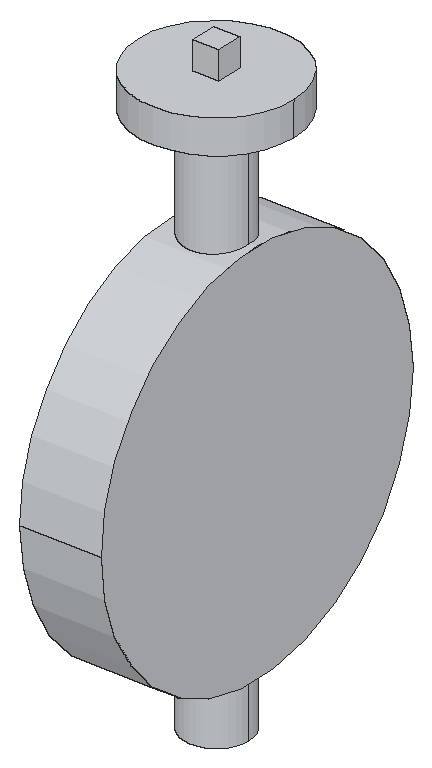
Revit family "HS497-67_disk-litina-volné vřeteno DN250-RFA_2019", category Pipe Accessories, Revit 2019
Family settings
  Round Connector Dimension = Use Diameter
  Part Type = Valve - Breaks Into
  Work Plane-Based = No
  Always vertical = Yes
  Cut with Voids When Loaded = No
  Shared = No
Parameters (values of type "HS 497-67_DN250_PN16_volné vřeteno")
  magiProductId = "b662e8305ca2402b9c510e66e6aa55"
  magiProductFamilyId = "53cea81e6f374d17b8841d9c72ad77"
  magiPartTypeId = 305
  isMeasuringValve [instance] = no
  ang2D [instance] = 0.00°
  X11 = 88.77 mm
  X1 = 36.77 mm
  W2D = 1000 mm
  VersionID = "2.0/2017.9.26.1/ZETKAMA_497_001"
  Use Minimum Symbol Size [instance] = yes
  URL = "http://www.hydronic.cz"
  Type Comments = "mezipřírubová; litinový disk; PN16; -10~+110°C (krátkodobě +120°C)"
  SW30 = no
  SW3 = no
  SW21 = no
  SW20 = no
  SW2 = no
  SW1 = yes
  R = 125 mm
  QmdConnectorList = "301;D;302;D"
  Productdata [instance] = ""
  NC = 50 mm
  Model = ""
  Manufacturer = "Hydronic Systems Prague s.r.o."
  MM20 = 36.77 mm
  MC Product Code = "123 250 (litinový disk, s volným vřetenem; DN250; PN16, kvs4555)"
  M41 = 66 mm
  M4 = 44 mm
  LHL = 220 mm
  LHH3 = 2.45 mm
  LHH1 = 46.55 mm
  LH1 = 73.333 mm
  L4R__ve = -L4R  # -12.8 mm
  L4R = 12.8 mm
  L42__ve = -L42  # -96 mm
  L42 = 96 mm
  L41__ve = -L41  # -19.2 mm
  L41 = 19.2 mm
  L2D_Min = 3048 mm
  L2D = 216 mm
  L2 = 34 mm
  L1 = 54.4 mm
  L = 68 mm
  H = 23 mm
  G22 = 11.25 mm
  G2 = 22.5 mm
  G1 = 90 mm
  G = 130 mm
  F = 22 mm
  E44 = 31.25 mm
  E42 = 62.5 mm
  E4 = 125 mm
  E23 = 4.9 mm
  E22 = 19.6 mm
  E21 = 9.8 mm
  Description = "Mezipřírubová uzavírací klapka s volným vřetenem; litinový disk, DN250; PN16; kvs4555"
  DR2 = 125 mm
  DR = 324 mm
  DD1 = 15.625 mm
  DD = 12.5 mm
  D = 250 mm
  CAT0 = yes
  B2__ve = -B2  # -85 mm
  B2 = 85 mm
  A2 = 28.25 mm
  A1 = 129.25 mm
Types (43, lengths in mm): name | magiProductId | X11 | X1 | Type Comments | SW30 | SW3 | SW20 | SW2 | SW1 | R | NC | MM20 | MC Product Code | M41 | M4 | LHL | LHH3 | LHH1 | LH1 | L4R__ve | L4R | L42__ve | L42 | L41__ve | L41 | L2 | L1 | L | H | G | F | E44 | E42 | E4 | E23 | E22 | E21 | Description | DR2 | DR | DD1 | DD | D | B2__ve | B2 | A2 | A1
  HS 497-67_DN100_PN16_volné vřeteno | "65d1b245f4f142c78569c0602d5754" | 61.456 | 25.456 | "mezipřírubová; litinový disk; PN16; -10~+110°C (krátkodobě +120°C)" | no | no | no | no | yes | 50 | 50 | 25.456 | "123 100 (litinový disk, s volným vřetenem; DN100; PN16, kvs512)" | 66 | 44 | 220 | 2.45 | 46.55 | 73.333 | -12.8 | 12.8 | -96 | 96 | -19.2 | 19.2 | 26 | 41.6 | 52 | 30 | 90 | 11 | 31.25 | 62.5 | 125 | 4.9 | 19.6 | 9.8 | "Mezipřírubová uzavírací klapka s volným vřetenem; litinový disk, DN100; PN16; kvs512" | 50 | 147 | 15.625 | 12.5 | 100 | -56 | 56 | 16.5 | 98.5
  HS 497-67_DN100_PN16_převodové kolo | "11e91b807e674d428c8e796fcdcfe2" | 61.456 | 25.456 | "mezipřírubová; litinový disk; PN16; -10~+110°C (krátkodobě +120°C)" | yes | yes | no | no | no | 50 | 50 | 25.456 | "125 100 (litinový disk, s převodovým kolem; DN100; PN16, kvs512)" | 65.25 | 43.5 | 220 | 2.45 | 46.55 | 73.333 | -12.8 | 12.8 | -96 | 96 | -19.2 | 19.2 | 26 | 41.6 | 52 | 30 | 90 | 11 | 31.25 | 62.5 | 125 | 4.9 | 19.6 | 9.8 | "Mezipřírubová uzavírací klapka s převodovým kolem; litinový disk, DN100; PN16; kvs512" | 50 | 147 | 15.625 | 12.5 | 100 | -56 | 56 | 16.5 | 98.5
  HS 497-67_DN100_PN16_s pákou | "28172f0b3f4b47b28323ac71cf8749" | 61.456 | 25.456 | "mezipřírubová; litinový disk; PN16; -10~+110°C (krátkodobě +120°C)" | no | no | yes | yes | no | 50 | 50 | 25.456 | "120 100 (litinový disk, s pákou; DN100; PN16, kvs512)" | 66 | 44 | 260 | 3 | 57 | 86.667 | -12.8 | 12.8 | -96 | 96 | -19.2 | 19.2 | 26 | 41.6 | 52 | 30 | 90 | 11 | 31.25 | 62.5 | 125 | 6 | 24 | 12 | "Mezipřírubová uzavírací klapka s pákou; litinový disk, DN100; PN16; kvs512" | 50 | 147 | 15.625 | 12.5 | 100 | -56 | 56 | 16.5 | 98.5
  HS 497-67_DN125_PN16_volné vřeteno | "0d813d910fc14f628bb3c2efbd185c" | 61.456 | 25.456 | "mezipřírubová; litinový disk; PN16; -10~+110°C (krátkodobě +120°C)" | no | no | no | no | yes | 62.5 | 50 | 25.456 | "123 125 (litinový disk, s volným vřetenem; DN125; PN16, kvs872)" | 66 | 44 | 220 | 2.45 | 46.55 | 73.333 | -12.8 | 12.8 | -96 | 96 | -19.2 | 19.2 | 28 | 44.8 | 56 | 33 | 90 | 14 | 31.25 | 62.5 | 125 | 4.9 | 19.6 | 9.8 | "Mezipřírubová uzavírací klapka s volným vřetenem; litinový disk, DN125; PN16; kvs872" | 62.5 | 180 | 15.625 | 12.5 | 125 | -64 | 64 | 18 | 99.5
  HS 497-67_DN125_PN16_převodové kolo | "c56b7c13f372467684996fb1e0e229" | 61.456 | 25.456 | "mezipřírubová; litinový disk; PN16; -10~+110°C (krátkodobě +120°C)" | yes | yes | no | no | no | 62.5 | 50 | 25.456 | "125 125 (litinový disk, s převodovým kolem; DN125; PN16, kvs872)" | 65.25 | 43.5 | 220 | 2.45 | 46.55 | 73.333 | -13.5 | 13.5 | -101.25 | 101.25 | -20.25 | 20.25 | 28 | 44.8 | 56 | 33 | 90 | 14 | 40 | 80 | 160 | 4.9 | 19.6 | 9.8 | "Mezipřírubová uzavírací klapka s převodovým kolem; litinový disk, DN125; PN16; kvs872" | 62.5 | 180 | 20 | 16 | 125 | -64 | 64 | 18 | 99.5
  HS 497-67_DN125_PN16_s pákou | "105993c79a91492399feef7931321a" | 61.456 | 25.456 | "mezipřírubová; litinový disk; PN16; -10~+110°C (krátkodobě +120°C)" | no | no | yes | yes | no | 62.5 | 50 | 25.456 | "120 125 (litinový disk, s pákou; DN125; PN16, kvs872)" | 66 | 44 | 315 | 3.75 | 71.25 | 105 | -12.8 | 12.8 | -96 | 96 | -19.2 | 19.2 | 28 | 44.8 | 56 | 33 | 90 | 14 | 31.25 | 62.5 | 125 | 7.5 | 30 | 15 | "Mezipřírubová uzavírací klapka s pákou; litinový disk, DN125; PN16; kvs872" | 62.5 | 180 | 15.625 | 12.5 | 125 | -64 | 64 | 18 | 99.5
  HS 497-67_DN150_PN16_volné vřeteno | "50c80cb8ab434f55ab7796e5ac1331" | 61.456 | 25.456 | "mezipřírubová; litinový disk; PN16; -10~+110°C (krátkodobě +120°C)" | no | no | no | no | yes | 75 | 50 | 25.456 | "123 150 (litinový disk, s volným vřetenem; DN150; PN16, kvs1347)" | 66 | 44 | 220 | 2.45 | 46.55 | 73.333 | -12.8 | 12.8 | -96 | 96 | -19.2 | 19.2 | 28 | 44.8 | 56 | 33 | 90 | 14 | 31.25 | 62.5 | 125 | 4.9 | 19.6 | 9.8 | "Mezipřírubová uzavírací klapka s volným vřetenem; litinový disk, DN150; PN16; kvs1347" | 75 | 206 | 15.625 | 12.5 | 150 | -58 | 58 | 19.3 | 98.7
  HS 497-67_DN150_PN16_převodové kolo | "d94a1a0cf83b476eb10011b327f709" | 61.456 | 25.456 | "mezipřírubová; litinový disk; PN16; -10~+110°C (krátkodobě +120°C)" | yes | yes | no | no | no | 75 | 50 | 25.456 | "125 150 (litinový disk, s převodovým kolem; DN150; PN16, kvs1347)" | 65.25 | 43.5 | 220 | 2.45 | 46.55 | 73.333 | -13.5 | 13.5 | -101.25 | 101.25 | -20.25 | 20.25 | 28 | 44.8 | 56 | 33 | 90 | 14 | 40 | 80 | 160 | 4.9 | 19.6 | 9.8 | "Mezipřírubová uzavírací klapka s převodovým kolem; litinový disk, DN150; PN16; kvs1347" | 75 | 206 | 20 | 16 | 150 | -58 | 58 | 19.3 | 98.7
  HS 497-67_DN150_PN16_s pákou | "4d2835523fe84828bc50ff0a5a0dfb" | 61.456 | 25.456 | "mezipřírubová; litinový disk; PN16; -10~+110°C (krátkodobě +120°C)" | no | no | yes | yes | no | 75 | 50 | 25.456 | "120 150 (litinový disk, s pákou; DN150; PN16, kvs1347)" | 66 | 44 | 315 | 3.75 | 71.25 | 105 | -12.8 | 12.8 | -96 | 96 | -19.2 | 19.2 | 28 | 44.8 | 56 | 33 | 90 | 14 | 31.25 | 62.5 | 125 | 7.5 | 30 | 15 | "Mezipřírubová uzavírací klapka s pákou; litinový disk, DN150; PN16; kvs1347" | 75 | 206 | 15.625 | 12.5 | 150 | -58 | 58 | 19.3 | 98.7
  HS 497-67_DN200_PN16_volné vřeteno | "5b29029eaeba47139ee1055a4b9201" | 61.456 | 25.456 | "mezipřírubová; litinový disk; PN16; -10~+110°C (krátkodobě +120°C)" | no | no | no | no | yes | 100 | 50 | 25.456 | "123 200 (litinový disk, s volným vřetenem; DN200; PN16, kvs2675)" | 66 | 44 | 220 | 2.45 | 46.55 | 73.333 | -12.8 | 12.8 | -96 | 96 | -19.2 | 19.2 | 30 | 48 | 60 | 33 | 90 | 17 | 31.25 | 62.5 | 125 | 4.9 | 19.6 | 9.8 | "Mezipřírubová uzavírací klapka s volným vřetenem; litinový disk, DN200; PN16; kvs2675" | 100 | 257 | 15.625 | 12.5 | 200 | -70 | 70 | 22.5 | 102.5
  HS 497-67_DN200_PN16_převodové kolo | "b2793cc1fcc44cf2a35062cd67c04f" | 61.456 | 25.456 | "mezipřírubová; litinový disk; PN16; -10~+110°C (krátkodobě +120°C)" | yes | yes | no | no | no | 100 | 57 | 25.456 | "125 200 (litinový disk, s převodovým kolem; DN200; PN16, kvs2675)" | 78.75 | 52.5 | 220 | 2.45 | 46.55 | 73.333 | -15.2 | 15.2 | -114 | 114 | -22.8 | 22.8 | 30 | 48 | 60 | 33 | 90 | 17 | 50 | 100 | 200 | 4.9 | 19.6 | 9.8 | "Mezipřírubová uzavírací klapka s převodovým kolem; litinový disk, DN200; PN16; kvs2675" | 100 | 257 | 25 | 20 | 200 | -70 | 70 | 22.5 | 102.5
  HS 497-67_DN200_PN16_s pákou | "f88d96c7af224537a51e72d7d8fffe" | 61.456 | 25.456 | "mezipřírubová; litinový disk; PN16; -10~+110°C (krátkodobě +120°C)" | no | no | yes | yes | no | 100 | 50 | 25.456 | "120 200 (litinový disk, s pákou; DN200; PN16, kvs2675)" | 66 | 44 | 315 | 3.75 | 71.25 | 105 | -12.8 | 12.8 | -96 | 96 | -19.2 | 19.2 | 30 | 48 | 60 | 33 | 90 | 17 | 31.25 | 62.5 | 125 | 7.5 | 30 | 15 | "Mezipřírubová uzavírací klapka s pákou; litinový disk, DN200; PN16; kvs2675" | 100 | 257 | 15.625 | 12.5 | 200 | -70 | 70 | 22.5 | 102.5
  HS 497-67_DN250_PN16_volné vřeteno | "b662e8305ca2402b9c510e66e6aa55" | 88.77 | 36.77 | "mezipřírubová; litinový disk; PN16; -10~+110°C (krátkodobě +120°C)" | no | no | no | no | yes | 125 | 50 | 36.77 | "123 250 (litinový disk, s volným vřetenem; DN250; PN16, kvs4555)" | 66 | 44 | 220 | 2.45 | 46.55 | 73.333 | -12.8 | 12.8 | -96 | 96 | -19.2 | 19.2 | 34 | 54.4 | 68 | 23 | 130 | 22 | 31.25 | 62.5 | 125 | 4.9 | 19.6 | 9.8 | "Mezipřírubová uzavírací klapka s volným vřetenem; litinový disk, DN250; PN16; kvs4555" | 125 | 324 | 15.625 | 12.5 | 250 | -85 | 85 | 28.25 | 129.25
  HS 497-67_DN250_PN16_převodové kolo | "5ee9016806664ddfaa2632711f295c" | 88.77 | 36.77 | "mezipřírubová; litinový disk; PN16; -10~+110°C (krátkodobě +120°C)" | yes | yes | no | no | no | 125 | 70 | 36.77 | "125 250 (litinový disk, s převodovým kolem; DN250; PN16, kvs4555)" | 91.5 | 61 | 220 | 2.45 | 46.55 | 73.333 | -22.2 | 22.2 | -166.5 | 166.5 | -33.3 | 33.3 | 34 | 54.4 | 68 | 23 | 130 | 22 | 62.5 | 125 | 250 | 4.9 | 19.6 | 9.8 | "Mezipřírubová uzavírací klapka s převodovým kolem; litinový disk, DN250; PN16; kvs4555" | 125 | 324 | 31.25 | 25 | 250 | -85 | 85 | 28.25 | 129.25
  HS 497-67_DN300_PN16_volné vřeteno | "e1886f51ff004380a649519258edf2" | 88.77 | 36.77 | "mezipřírubová; litinový disk; PN16; -10~+110°C (krátkodobě +120°C)" | no | no | no | no | yes | 150 | 50 | 36.77 | "123 300 (litinový disk, s volným vřetenem; DN300; PN16, kvs7037)" | 66 | 44 | 220 | 2.45 | 46.55 | 73.333 | -12.8 | 12.8 | -96 | 96 | -19.2 | 19.2 | 39 | 62.4 | 78 | 23 | 130 | 22 | 31.25 | 62.5 | 125 | 4.9 | 19.6 | 9.8 | "Mezipřírubová uzavírací klapka s volným vřetenem; litinový disk, DN300; PN16; kvs7037" | 150 | 376 | 15.625 | 12.5 | 300 | -90 | 90 | 30.8 | 127.2
  HS 497-67_DN300_PN16_převodové kolo | "6860f094f77d42088fbebc3c97f755" | 88.77 | 36.77 | "mezipřírubová; litinový disk; PN16; -10~+110°C (krátkodobě +120°C)" | yes | yes | no | no | no | 150 | 70 | 36.77 | "125 300 (litinový disk, s převodovým kolem; DN300; PN16, kvs7037)" | 91.5 | 61 | 220 | 2.45 | 46.55 | 73.333 | -22.2 | 22.2 | -166.5 | 166.5 | -33.3 | 33.3 | 39 | 62.4 | 78 | 23 | 130 | 22 | 62.5 | 125 | 250 | 4.9 | 19.6 | 9.8 | "Mezipřírubová uzavírací klapka s převodovým kolem; litinový disk, DN300; PN16; kvs7037" | 150 | 376 | 31.25 | 25 | 300 | -90 | 90 | 30.8 | 127.2
  HS 497-67_DN032_PN16_volné vřeteno | "8c5f65de52aa4067a77564107e31b2" | 61.456 | 25.456 | "mezipřírubová; litinový disk; PN16; -10~+110°C (krátkodobě +120°C)" | no | no | no | no | yes | 16 | 50 | 25.456 | "123 032 (litinový disk, s volným vřetenem; DN32; PN16, kvs78)" | 66 | 44 | 220 | 2.45 | 46.55 | 73.333 | -12.8 | 12.8 | -96 | 96 | -19.2 | 19.2 | 16.5 | 26.4 | 33 | 30 | 90 | 11 | 31.25 | 62.5 | 125 | 4.9 | 19.6 | 9.8 | "Mezipřírubová uzavírací klapka s volným vřetenem; litinový disk, DN32; PN16; kvs78" | 16 | 68 | 15.625 | 12.5 | 32 | -44.2 | 44.2 | 10.25 | 76.25
  HS 497-67_DN032_PN16_převodové kolo | "60aaeffa8b3a4e809ef000e4660060" | 61.456 | 25.456 | "mezipřírubová; litinový disk; PN16; -10~+110°C (krátkodobě +120°C)" | yes | yes | no | no | no | 16 | 50 | 25.456 | "125 032 (litinový disk, s převodovým kolem; DN32; PN16, kvs78)" | 65.25 | 43.5 | 220 | 2.45 | 46.55 | 73.333 | -12.8 | 12.8 | -96 | 96 | -19.2 | 19.2 | 16.5 | 26.4 | 33 | 30 | 90 | 11 | 31.25 | 62.5 | 125 | 4.9 | 19.6 | 9.8 | "Mezipřírubová uzavírací klapka s převodovým kolem; litinový disk, DN32; PN16; kvs78" | 16 | 68 | 15.625 | 12.5 | 32 | -44.2 | 44.2 | 10.25 | 76.25
  HS 497-67_DN032_PN16_s pákou | "9ad8088d610749a1b871aa2aad8007" | 61.456 | 25.456 | "mezipřírubová; litinový disk; PN16; -10~+110°C (krátkodobě +120°C)" | no | no | yes | yes | no | 16 | 50 | 25.456 | "120 032 (litinový disk, s pákou; DN32; PN16, kvs78)" | 66 | 44 | 220 | 2.45 | 46.55 | 73.333 | -12.8 | 12.8 | -96 | 96 | -19.2 | 19.2 | 16.5 | 26.4 | 33 | 30 | 90 | 11 | 31.25 | 62.5 | 125 | 4.9 | 19.6 | 9.8 | "Mezipřírubová uzavírací klapka s pákou; litinový disk, DN32; PN16; kvs78" | 16 | 68 | 15.625 | 12.5 | 32 | -44.2 | 44.2 | 10.25 | 76.25
  HS 497-67_DN350_PN10_volné vřeteno | "72a1e05f22944421b7e9596a877137" | 109.255 | 45.255 | "mezipřírubová; litinový disk; PN10; -10~+110°C (krátkodobě +120°C)" | no | no | no | no | yes | 175 | 50 | 45.255 | "123 350 (litinový disk, s volným vřetenem; DN350; PN10, kvs10165)" | 66 | 44 | 220 | 2.45 | 46.55 | 73.333 | -12.8 | 12.8 | -96 | 96 | -19.2 | 19.2 | 39 | 62.4 | 78 | 31 | 160 | 22 | 31.25 | 62.5 | 125 | 4.9 | 19.6 | 9.8 | "Mezipřírubová uzavírací klapka s volným vřetenem; litinový disk, DN350; PN10; kvs10165" | 175 | 430 | 15.625 | 12.5 | 350 | -88 | 88 | 33.85 | 129.65
  HS 497-67_DN350_PN10_převodové kolo | "a5a01426cb28494ba3afca92f1dace" | 109.255 | 45.255 | "mezipřírubová; litinový disk; PN10; -10~+110°C (krátkodobě +120°C)" | yes | yes | no | no | no | 175 | 70 | 45.255 | "125 350 (litinový disk, s převodovým kolem; DN350; PN10, kvs10165)" | 91.5 | 61 | 220 | 2.45 | 46.55 | 73.333 | -22.2 | 22.2 | -166.5 | 166.5 | -33.3 | 33.3 | 39 | 62.4 | 78 | 31 | 160 | 22 | 62.5 | 125 | 250 | 4.9 | 19.6 | 9.8 | "Mezipřírubová uzavírací klapka s převodovým kolem; litinový disk, DN350; PN10; kvs10165" | 175 | 430 | 31.25 | 25 | 350 | -88 | 88 | 33.85 | 129.65
  HS 497-67_DN400_PN10_volné vřeteno | "c70ebeb927c04ab99b176e257ad0a7" | 109.255 | 45.255 | "mezipřírubová; litinový disk; PN10; -10~+110°C (krátkodobě +120°C)" | no | no | no | no | yes | 200 | 50 | 45.255 | "123 400 (litinový disk, s volným vřetenem; DN400; PN10, kvs13799)" | 66 | 44 | 220 | 2.45 | 46.55 | 73.333 | -12.8 | 12.8 | -96 | 96 | -19.2 | 19.2 | 51 | 81.6 | 102 | 31 | 160 | 27 | 31.25 | 62.5 | 125 | 4.9 | 19.6 | 9.8 | "Mezipřírubová uzavírací klapka s volným vřetenem; litinový disk, DN400; PN10; kvs13799" | 200 | 485 | 15.625 | 12.5 | 400 | -108 | 108 | 38 | 142
  HS 497-67_DN400_PN10_převodové kolo | "cc64a4384dcb41b780d81810f4f293" | 109.255 | 45.255 | "mezipřírubová; litinový disk; PN10; -10~+110°C (krátkodobě +120°C)" | yes | yes | no | no | no | 200 | 72.5 | 45.255 | "125 400 (litinový disk, s převodovým kolem; DN400; PN10, kvs13799)" | 103.5 | 69 | 220 | 2.45 | 46.55 | 73.333 | -27.8 | 27.8 | -208.5 | 208.5 | -41.7 | 41.7 | 51 | 81.6 | 102 | 31 | 160 | 27 | 75 | 150 | 300 | 4.9 | 19.6 | 9.8 | "Mezipřírubová uzavírací klapka s převodovým kolem; litinový disk, DN400; PN10; kvs13799" | 200 | 485 | 37.5 | 30 | 400 | -108 | 108 | 38 | 142
  HS 497-67_DN040_PN16_volné vřeteno | "35f92312390745e88df5b5c325d9ee" | 61.456 | 25.456 | "mezipřírubová; litinový disk; PN16; -10~+110°C (krátkodobě +120°C)" | no | no | no | no | yes | 20 | 50 | 25.456 | "123 040 (litinový disk, s volným vřetenem; DN40; PN16, kvs78)" | 66 | 44 | 220 | 2.45 | 46.55 | 73.333 | -12.8 | 12.8 | -96 | 96 | -19.2 | 19.2 | 16.5 | 26.4 | 33 | 30 | 90 | 11 | 31.25 | 62.5 | 125 | 4.9 | 19.6 | 9.8 | "Mezipřírubová uzavírací klapka s volným vřetenem; litinový disk, DN40; PN16; kvs78" | 20 | 76 | 15.625 | 12.5 | 40 | -36 | 36 | 11 | 79
  HS 497-67_DN040_PN16_převodové kolo | "d88e968eae3445bc9b7b4e6ff35127" | 61.456 | 25.456 | "mezipřírubová; litinový disk; PN16; -10~+110°C (krátkodobě +120°C)" | yes | yes | no | no | no | 20 | 50 | 25.456 | "125 040 (litinový disk, s převodovým kolem; DN40; PN16, kvs78)" | 65.25 | 43.5 | 220 | 2.45 | 46.55 | 73.333 | -12.8 | 12.8 | -96 | 96 | -19.2 | 19.2 | 16.5 | 26.4 | 33 | 30 | 90 | 11 | 31.25 | 62.5 | 125 | 4.9 | 19.6 | 9.8 | "Mezipřírubová uzavírací klapka s převodovým kolem; litinový disk, DN40; PN16; kvs78" | 20 | 76 | 15.625 | 12.5 | 40 | -36 | 36 | 11 | 79
  HS 497-67_DN040_PN16_s pákou | "c1b522ca65b4407a98818f232eaacb" | 61.456 | 25.456 | "mezipřírubová; litinový disk; PN16; -10~+110°C (krátkodobě +120°C)" | no | no | yes | yes | no | 20 | 50 | 25.456 | "120 040 (litinový disk, s pákou; DN40; PN16, kvs78)" | 66 | 44 | 220 | 2.45 | 46.55 | 73.333 | -12.8 | 12.8 | -96 | 96 | -19.2 | 19.2 | 16.5 | 26.4 | 33 | 30 | 90 | 11 | 31.25 | 62.5 | 125 | 4.9 | 19.6 | 9.8 | "Mezipřírubová uzavírací klapka s pákou; litinový disk, DN40; PN16; kvs78" | 20 | 76 | 15.625 | 12.5 | 40 | -36 | 36 | 11 | 79
  HS 497-67_DN450_PN10_volné vřeteno | "a8358bc282f14872b3194e530e590a" | 129.74 | 53.74 | "mezipřírubová; litinový disk; PN10; -10~+110°C (krátkodobě +120°C)" | no | no | no | no | yes | 225 | 50 | 53.74 | "123 450 (litinový disk, s volným vřetenem; DN450; PN10, kvs18514)" | 66 | 44 | 220 | 2.45 | 46.55 | 73.333 | -12.8 | 12.8 | -96 | 96 | -19.2 | 19.2 | 57 | 91.2 | 114 | 38 | 190 | 36 | 31.25 | 62.5 | 125 | 4.9 | 19.6 | 9.8 | "Mezipřírubová uzavírací klapka s volným vřetenem; litinový disk, DN450; PN10; kvs18514" | 225 | 536 | 15.625 | 12.5 | 450 | -115 | 115 | 38.05 | 117.45
  HS 497-67_DN450_PN10_převodové kolo | "cdf2d80f54a9414f9cbe50647c0ebd" | 129.74 | 53.74 | "mezipřírubová; litinový disk; PN10; -10~+110°C (krátkodobě +120°C)" | yes | yes | no | no | no | 225 | 91.5 | 53.74 | "125 450 (litinový disk, s převodovým kolem; DN450; PN10, kvs18514)" | 144.75 | 96.5 | 220 | 2.45 | 46.55 | 73.333 | -32.1 | 32.1 | -240.75 | 240.75 | -48.15 | 48.15 | 57 | 91.2 | 114 | 38 | 190 | 36 | 100 | 200 | 400 | 4.9 | 19.6 | 9.8 | "Mezipřírubová uzavírací klapka s převodovým kolem; litinový disk, DN450; PN10; kvs18514" | 225 | 536 | 50 | 40 | 450 | -115 | 115 | 38.05 | 117.45
  HS 497-67_DN500_PN10_volné vřeteno | "8c396e27bb2743f98f3c762b6517cd" | 143.397 | 59.397 | "mezipřírubová; litinový disk; PN10; -10~+110°C (krátkodobě +120°C)" | no | no | no | no | yes | 250 | 50 | 59.397 | "123 500 (litinový disk, s volným vřetenem; DN500; PN10, kvs23805)" | 66 | 44 | 220 | 2.45 | 46.55 | 73.333 | -12.8 | 12.8 | -96 | 96 | -19.2 | 19.2 | 63.5 | 101.6 | 127 | 38 | 210 | 36 | 31.25 | 62.5 | 125 | 4.9 | 19.6 | 9.8 | "Mezipřírubová uzavírací klapka s volným vřetenem; litinový disk, DN500; PN10; kvs23805" | 250 | 593 | 15.625 | 12.5 | 500 | -130 | 130 | 43.25 | 139.25
  HS 497-67_DN500_PN10_převodové kolo | "7647804f32e94cef828a7034a91a46" | 143.397 | 59.397 | "mezipřírubová; litinový disk; PN10; -10~+110°C (krátkodobě +120°C)" | yes | yes | no | no | no | 250 | 91.5 | 59.397 | "125 500 (litinový disk, s převodovým kolem; DN500; PN10, kvs23805)" | 144.75 | 96.5 | 220 | 2.45 | 46.55 | 73.333 | -32.1 | 32.1 | -240.75 | 240.75 | -48.15 | 48.15 | 63.5 | 101.6 | 127 | 38 | 210 | 36 | 100 | 200 | 400 | 4.9 | 19.6 | 9.8 | "Mezipřírubová uzavírací klapka s převodovým kolem; litinový disk, DN500; PN10; kvs23805" | 250 | 593 | 50 | 40 | 500 | -130 | 130 | 43.25 | 139.25
  HS 497-67_DN050_volné vřeteno | "d71f296ecd6d4adf8f6e5d9853b4e0" | 61.456 | 25.456 | "mezipřírubová; litinový disk; PN16; -10~+110°C (krátkodobě +120°C)" | no | no | no | no | yes | 25 | 50 | 25.456 | "123 050 (litinový disk, s volným vřetenem; DN50; PN16, kvs98)" | 66 | 44 | 220 | 2.45 | 46.55 | 73.333 | -12.8 | 12.8 | -96 | 96 | -19.2 | 19.2 | 21.5 | 34.4 | 43 | 30 | 90 | 11 | 31.25 | 62.5 | 125 | 4.9 | 19.6 | 9.8 | "Mezipřírubová uzavírací klapka s volným vřetenem; litinový disk, DN50; PN16; kvs98" | 25 | 100 | 15.625 | 12.5 | 50 | -36.5 | 36.5 | 12 | 83
  HS 497-67_DN050_PN16_převodové kolo | "2fb080deeaed49c58418b94c1da5a4" | 61.456 | 25.456 | "mezipřírubová; litinový disk; PN16; -10~+110°C (krátkodobě +120°C)" | yes | yes | no | no | no | 25 | 50 | 25.456 | "125 050 (litinový disk, s převodovým kolem; DN50; PN16, kvs98)" | 65.25 | 43.5 | 220 | 2.45 | 46.55 | 73.333 | -12.8 | 12.8 | -96 | 96 | -19.2 | 19.2 | 21.5 | 34.4 | 43 | 30 | 90 | 11 | 31.25 | 62.5 | 125 | 4.9 | 19.6 | 9.8 | "Mezipřírubová uzavírací klapka s převodovým kolem; litinový disk, DN50; PN16; kvs98" | 25 | 100 | 15.625 | 12.5 | 50 | -36.5 | 36.5 | 12 | 83
  HS 497-67_DN050_PN16_s pákou | "dabc632061f94877a994b9b4e68112" | 61.456 | 25.456 | "mezipřírubová; litinový disk; PN16; -10~+110°C (krátkodobě +120°C)" | no | no | yes | yes | no | 25 | 50 | 25.456 | "120 050 (litinový disk, s pákou; DN50; PN16, kvs98)" | 66 | 44 | 220 | 2.45 | 46.55 | 73.333 | -12.8 | 12.8 | -96 | 96 | -19.2 | 19.2 | 21.5 | 34.4 | 43 | 30 | 90 | 11 | 31.25 | 62.5 | 125 | 4.9 | 19.6 | 9.8 | "Mezipřírubová uzavírací klapka s pákou; litinový disk, DN50; PN16; kvs98" | 25 | 100 | 15.625 | 12.5 | 50 | -36.5 | 36.5 | 12 | 83
  HS 497-67_DN600_PN10_volné vřeteno | "99d5892c14664fce81a7c5903f7711" | 143.397 | 59.397 | "mezipřírubová; litinový disk; PN10; -10~+110°C (krátkodobě +120°C)" | no | no | no | no | yes | 300 | 50 | 59.397 | "123 600 (litinový disk, s volným vřetenem; DN600; PN10, kvs36778)" | 66 | 44 | 220 | 2.45 | 46.55 | 73.333 | -12.8 | 12.8 | -96 | 96 | -19.2 | 19.2 | 77 | 123.2 | 154 | 80 | 210 | 60 | 31.25 | 62.5 | 125 | 4.9 | 19.6 | 9.8 | "Mezipřírubová uzavírací klapka s volným vřetenem; litinový disk, DN600; PN10; kvs36788" | 300 | 690 | 15.625 | 12.5 | 600 | -140 | 140 | 49.4 | 144.6
  HS 497-67_DN600_PN10_převodové kolo | "b1e26faab48a4c499f6bb11e7e3002" | 143.397 | 59.397 | "mezipřírubová; litinový disk; PN10; -10~+110°C (krátkodobě +120°C)" | yes | yes | no | no | no | 300 | 140 | 59.397 | "125 600 (litinový disk, s převodovým kolem; DN600; PN10, kvs36778)" | 206.25 | 137.5 | 220 | 2.45 | 46.55 | 73.333 | -40.8 | 40.8 | -306 | 306 | -61.2 | 61.2 | 77 | 123.2 | 154 | 80 | 210 | 60 | 125 | 250 | 500 | 4.9 | 19.6 | 9.8 | "Mezipřírubová uzavírací klapka s převodovým kolem; litinový disk, DN600; PN10; kvs36788" | 300 | 690 | 62.5 | 50 | 600 | -140 | 140 | 49.4 | 144.6
  HS 497-67_DN065_PN16_volné vřeteno | "5e5e208646e34ec29f889baab5d08e" | 61.456 | 25.456 | "mezipřírubová; litinový disk; PN16; -10~+110°C (krátkodobě +120°C)" | no | no | no | no | yes | 32.5 | 50 | 25.456 | "123 065 (litinový disk, s volným vřetenem; DN65; PN16, kvs167)" | 66 | 44 | 220 | 2.45 | 46.55 | 73.333 | -12.8 | 12.8 | -96 | 96 | -19.2 | 19.2 | 23 | 36.8 | 46 | 30 | 90 | 11 | 31.25 | 62.5 | 125 | 4.9 | 19.6 | 9.8 | "Mezipřírubová uzavírací klapka s volným vřetenem; litinový disk, DN65; PN16; kv167" | 32.5 | 108 | 15.625 | 12.5 | 65 | -36.5 | 36.5 | 13.5 | 89
  HS 497-67_DN065_PN16_převodové kolo | "654d74c8d15540b0bfe523d988ccb3" | 61.456 | 25.456 | "mezipřírubová; litinový disk; PN16; -10~+110°C (krátkodobě +120°C)" | yes | yes | no | no | no | 32.5 | 50 | 25.456 | "125 065 (litinový disk, s převodovým kolem; DN65; PN16, kvs167)" | 65.25 | 43.5 | 220 | 2.45 | 46.55 | 73.333 | -12.8 | 12.8 | -96 | 96 | -19.2 | 19.2 | 23 | 36.8 | 46 | 30 | 90 | 11 | 31.25 | 62.5 | 125 | 4.9 | 19.6 | 9.8 | "Mezipřírubová uzavírací klapka s převodovým kolem; litinový disk, DN65; PN16; kvs167" | 32.5 | 108 | 15.625 | 12.5 | 65 | -36.5 | 36.5 | 13.5 | 89
  HS 497-67_DN065_PN16_s pákou | "ebeb4b59db0641caaf6d6635ab37b9" | 61.456 | 25.456 | "mezipřírubová; litinový disk; PN16; -10~+110°C (krátkodobě +120°C)" | no | no | yes | yes | no | 32.5 | 50 | 25.456 | "120 065 (litinový disk, s pákou; DN65; PN16, kvs167)" | 66 | 44 | 220 | 2.45 | 46.55 | 73.333 | -12.8 | 12.8 | -96 | 96 | -19.2 | 19.2 | 23 | 36.8 | 46 | 30 | 90 | 11 | 31.25 | 62.5 | 125 | 4.9 | 19.6 | 9.8 | "Mezipřírubová uzavírací klapka s pákou; litinový disk, DN65; PN16; kvs167" | 32.5 | 108 | 15.625 | 12.5 | 65 | -36.5 | 36.5 | 13.5 | 89
  HS 497-67_DN080_PN16_volné vřeteno | "9e85c75c18654e1185a9c48ed6b00e" | 61.456 | 25.456 | "mezipřírubová; litinový disk; PN16; -10~+110°C (krátkodobě +120°C)" | no | no | no | no | yes | 40 | 50 | 25.456 | "123 080 (litinový disk, s volným vřetenem; DN80; PN16, kvs258)" | 66 | 44 | 220 | 2.45 | 46.55 | 73.333 | -12.8 | 12.8 | -96 | 96 | -19.2 | 19.2 | 23 | 36.8 | 46 | 30 | 90 | 11 | 31.25 | 62.5 | 125 | 4.9 | 19.6 | 9.8 | "Mezipřírubová uzavírací klapka s volným vřetenem; litinový disk, DN80; PN16; kvs258" | 40 | 124 | 15.625 | 12.5 | 80 | -54 | 54 | 14.1 | 86.9
  HS 497-67_DN080_PN16_převodové kolo | "5b3c8238c3d041e68c75b199e7ea46" | 61.456 | 25.456 | "mezipřírubová; litinový disk; PN16; -10~+110°C (krátkodobě +120°C)" | yes | yes | no | no | no | 40 | 50 | 25.456 | "125 080 (litinový disk, s převodovým kolem; DN80; PN16, kvs258)" | 65.25 | 43.5 | 220 | 2.45 | 46.55 | 73.333 | -12.8 | 12.8 | -96 | 96 | -19.2 | 19.2 | 23 | 36.8 | 46 | 30 | 90 | 11 | 31.25 | 62.5 | 125 | 4.9 | 19.6 | 9.8 | "Mezipřírubová uzavírací klapka s převodovým kolem; litinový disk, DN80; PN16; kvs258" | 40 | 124 | 15.625 | 12.5 | 80 | -54 | 54 | 14.1 | 86.9
  HS 497-67_DN080_PN16_s pákou | "e414795fab0f4eccb99bc3572c5477" | 61.456 | 25.456 | "mezipřírubová; litinový disk; PN16; -10~+110°C (krátkodobě +120°C)" | no | no | yes | yes | no | 40 | 50 | 25.456 | "120 080 (litinový disk, s pákou; DN80; PN16, kvs258)" | 66 | 44 | 260 | 3 | 57 | 86.667 | -12.8 | 12.8 | -96 | 96 | -19.2 | 19.2 | 23 | 36.8 | 46 | 30 | 90 | 11 | 31.25 | 62.5 | 125 | 6 | 24 | 12 | "Mezipřírubová uzavírací klapka s pákou; litinový disk, DN80; PN16; kvs258" | 40 | 124 | 15.625 | 12.5 | 80 | -54 | 54 | 14.1 | 86.9
  HS 497-67_DN250_PN16_s pákou | "" | 88.77 | 36.77 | "mezipřírubová; litinový disk; PN16; -10~+110°C (krátkodobě +120°C)" | no | no | yes | yes | no | 125 | 70 | 36.77 | "120 250 (litinový disk, s pákou; DN250; PN16, kvs4555)" | 91.5 | 61 | 220 | 2.45 | 46.55 | 73.333 | -22.2 | 22.2 | -166.5 | 166.5 | -33.3 | 33.3 | 34 | 54.4 | 68 | 23 | 130 | 22 | 62.5 | 125 | 250 | 4.9 | 19.6 | 9.8 | "Mezipřírubová uzavírací klapka s pákou; litinový disk, DN250; PN16; kvs4555" | 125 | 324 | 31.25 | 25 | 250 | -85 | 85 | 28.25 | 129.25
  HS 497-67_DN300_PN16_s pákou | "" | 88.77 | 36.77 | "mezipřírubová; litinový disk; PN16; -10~+110°C (krátkodobě +120°C)" | no | no | yes | yes | no | 150 | 70 | 36.77 | "120 300 (litinový disk, s pákou; DN300; PN16, kvs7037)" | 91.5 | 61 | 220 | 2.45 | 46.55 | 73.333 | -22.2 | 22.2 | -166.5 | 166.5 | -33.3 | 33.3 | 39 | 62.4 | 78 | 23 | 130 | 22 | 62.5 | 125 | 250 | 4.9 | 19.6 | 9.8 | "Mezipřírubová uzavírací klapka s pákou; litinový disk, DN300; PN16; kvs7037" | 150 | 376 | 31.25 | 25 | 300 | -90 | 90 | 30.8 | 127.2
Reference planes
  plane 1 "Center (Front/Back)": y = 0
  plane 2 "XYPLANE": z = 0
  plane 3 "Center (Left/Right)": x = 0
  plane 4 "473": x = -36.77
  plane 5 "472": x = -66
  plane 6 "471": y = -36.77
  plane 7 "470": y = 36.77
  plane 8 "469": x = -44
  plane 9 "468": y = -115.2
  plane 10 "467": y = -96
  plane 11 "466": z = 313.75
  plane 12 "465": z = 329.05
  plane 13 "464": y = 145.417
  plane 14 "463": z = 319.25
  plane 15 "462": z = 302.1
  plane 16 "461": z = 311.9
  plane 17 "460": y = 72.083
  plane 18 "459": x = -11.25
  plane 19 "458": x = 11.25
  plane 20 "457": y = -6.25
  plane 21 "456": x = -17.5
  plane 22 "455": x = 17.5
  plane 23 "454": z = 316.8
  plane 24 "453": y = 62.083
  plane 25 "452": y = -11.25
  plane 26 "451": x = -22.5
  plane 27 "450": x = 22.5
  plane 28 "449": z = 297.2
  plane 29 "448": z = 292.3
  plane 30 "447": z = -125
  plane 31 "446": z = 282.5
  plane 32 "445": z = 254.25
  plane 33 "444": z = 125
  plane 34 "443": x = 34
  plane 35 "442": x = -34
  plane 36 "441": z = 0
  plane 37 "440": y = 0
  plane 38 "439": x = 0
  plane 39 "438": z = 331.5
  plane 40 "437": z = 316.8
  plane 41 "436": x = 13.7
  plane 42 "435": x = -13.7
  plane 43 "434": y = 220
Forms (mm)
  Extrusion 1, solid, visible <- "SW3"
    sketch origin (-750, 0, 282.5) x (1, 0, 0) y (0, 1, 0)
      loop
        line (684, 36.77) -> (684, -36.77) -> (713.23, -36.77)
        arc (713.23, -36.77) -> (802, 0) -> (713.23, 36.77) r 52
        line (713.23, 36.77) -> (684, 36.77)
    from 0 to 62.5 <- "E42"
  Extrusion 2, solid, visible <- "SW30"
    sketch origin (0, -750, 0) x (0, 1, 0) y (0, 0, 1)
      loop
        circle (750, 313.75) r 7.813
    from 0 to 50 <- "NC"
  Extrusion 3, solid, visible <- "SW30"
    sketch origin (750, -115.2, 0) x (-1, 0, 0) y (0, 0, 1)
      loop
        circle (794, 313.75) r 62.5
    from 0 to -12.8 <- "L4R__ve"
  Extrusion 4, solid, visible <- "SW3"
    sketch origin (750, -96, 0) x (-1, 0, 0) y (0, 0, 1)
      loop
        circle (794, 313.75) r 7.813
    from 0 to -19.2 <- "L41__ve"
  Extrusion 5, solid, visible <- "SW30"
    sketch origin (750, 0, 0) x (-1, 0, 0) y (0, 0, 1)
      loop
        circle (794, 313.75) r 6.25
    from 0 to -96 <- "L42__ve"
  Blend 6, solid, visible <- "SW21"
    base sketch origin (750, 72.083, 0) x (-1, 0, 0) y (0, 0, 1)
      loop
        line (761.25, 311.9) -> (738.75, 311.9) -> (738.75, 302.1) -> (761.25, 302.1) -> (761.25, 311.9)
    top sketch origin (750, 72.083, 0) x (-1, 0, 0) y (0, 0, 1)
      loop
        line (761.25, 329.05) -> (738.75, 329.05) -> (738.75, 319.25) -> (761.25, 319.25) -> (761.25, 329.05)
    from 0 to 73.333
  Blend 7, solid, visible <- "SW21"
    base sketch origin (750, 62.083, 0) x (-1, 0, 0) y (0, 0, 1)
      loop
        line (761.25, 316.8) -> (738.75, 316.8) -> (738.75, 297.2) -> (761.25, 297.2) -> (761.25, 316.8)
    top sketch origin (750, 62.083, 0) x (-1, 0, 0) y (0, 0, 1)
      loop
        line (761.25, 311.9) -> (738.75, 311.9) -> (738.75, 302.1) -> (761.25, 302.1) -> (761.25, 311.9)
    from 0 to 10
  Blend 8, solid, visible <- "SW21"
    base sketch origin (-750, 0, 297.2) x (1, 0, 0) y (0, 1, 0)
      loop
        line (772.5, 62.083) -> (727.5, 62.083) -> (727.5, -11.25)
        arc (727.5, -11.25) -> (750, -31.25) -> (772.5, -11.25) r 22.656
        line (772.5, -11.25) -> (772.5, 62.083)
    top sketch origin (-750, 0, 297.2) x (1, 0, 0) y (0, 1, 0)
      loop
        line (767.5, 62.083) -> (732.5, 62.083) -> (732.5, -6.25)
        arc (732.5, -6.25) -> (750, -26.25) -> (767.5, -6.25) r 17.656
        line (767.5, -6.25) -> (767.5, 62.083)
    from 0 to 19.6
  Extrusion 9, solid, visible <- "SW2"
    sketch origin (-750, 0, 292.3) x (1, 0, 0) y (0, 1, 0)
      loop
        circle (750, 0) r 11.25
    from 0 to 4.9 <- "E23"
  Extrusion 10, solid, visible <- "SW2"
    sketch origin (-750, 0, 282.5) x (1, 0, 0) y (0, 1, 0)
      loop
        circle (750, 0) r 45
    from 0 to 9.8 <- "E21"
  Extrusion 11, solid, visible <- "CAT0"
    sketch origin (-750, 0, -125) x (1, 0, 0) y (0, 1, 0)
      loop
        circle (750, 0) r 27.2
    from 0 to -85 <- "B2__ve"
  Extrusion 12, solid, visible <- "CAT0"
    sketch origin (-750, 0, 254.25) x (1, 0, 0) y (0, 1, 0)
      loop
        circle (750, 0) r 65
    from 0 to 28.25 <- "A2"
  Extrusion 13, solid, visible <- "CAT0"
    sketch origin (-750, 0, 125) x (1, 0, 0) y (0, 1, 0)
      loop
        circle (750, 0) r 27.2
    from 0 to 129.25 <- "A1"
  Extrusion 14, solid, visible <- "CAT0"
    sketch origin (-34, -750, 0) x (0, 1, 0) y (0, 0, 1)
      loop
        circle (750, 0) r 162
    from 0 to 68 <- "L"
  Extrusion 15, solid, visible <- "SW1"
    sketch origin (-750, 0, 282.5) x (1, 0, 0) y (0, 1, 0)
      loop
        line (761, 11) -> (739, 11) -> (739, -11) -> (761, -11) -> (761, 11)
    from 0 to 23 <- "H"
  Blend 16, solid, visible <- "SW2"
    base sketch origin (750, 145.417, 0) x (-1, 0, 0) y (0, 0, 1)
      loop
        arc (763.7, 326.5) -> (762.236, 330.036) -> (758.7, 331.5) r 5
        line (758.7, 331.5) -> (741.3, 331.5)
        arc (741.3, 331.5) -> (737.764, 330.036) -> (736.3, 326.5) r 5
        line (736.3, 326.5) -> (736.3, 321.8)
        arc (736.3, 321.8) -> (737.764, 318.264) -> (741.3, 316.8) r 5
        line (741.3, 316.8) -> (758.7, 316.8)
        arc (758.7, 316.8) -> (762.236, 318.264) -> (763.7, 321.8) r 5
        line (763.7, 321.8) -> (763.7, 326.5)
    top sketch origin (750, 145.417, 0) x (-1, 0, 0) y (0, 0, 1)
      loop
        arc (763.7, 326.5) -> (762.236, 330.036) -> (758.7, 331.5) r 5
        line (758.7, 331.5) -> (741.3, 331.5)
        arc (741.3, 331.5) -> (737.764, 330.036) -> (736.3, 326.5) r 5
        line (736.3, 326.5) -> (736.3, 321.8)
        arc (736.3, 321.8) -> (737.764, 318.264) -> (741.3, 316.8) r 5
        line (741.3, 316.8) -> (758.7, 316.8)
        arc (758.7, 316.8) -> (762.236, 318.264) -> (763.7, 321.8) r 5
        line (763.7, 321.8) -> (763.7, 326.5)
    from 0 to 74.583
  Blend 17, solid, visible <- "SW20"
    base sketch origin (750, 145.417, 0) x (-1, 0, 0) y (0, 0, 1)
      loop
        line (763.7, 331.5) -> (736.3, 331.5) -> (736.3, 316.8) -> (763.7, 316.8) -> (763.7, 331.5)
    top sketch origin (750, 145.417, 0) x (-1, 0, 0) y (0, 0, 1)
      loop
        line (761.25, 316.8) -> (738.75, 316.8) -> (738.75, 297.2) -> (761.25, 297.2) -> (761.25, 316.8)
    from 0 to -83.333
  Extrusion 18, solid, visible <- "SW20"
    sketch origin (-750, 0, 297.2) x (1, 0, 0) y (0, 1, 0)
      loop
        line (772.5, 62.083) -> (727.5, 62.083) -> (727.5, -11.25)
        arc (727.5, -11.25) -> (750, -31.25) -> (772.5, -11.25) r 22.656
        line (772.5, -11.25) -> (772.5, 62.083)
    from 0 to 19.6 <- "E22"
  Extrusion 19, solid, not visible
    sketch origin (-34, -750, 0) x (0, 1, 0) y (0, 0, 1)
      loop
        circle (750, 0) r 10
    from 0 to 10
  Extrusion 20, solid, not visible
    sketch origin (34, -750, 0) x (0, 1, 0) y (0, 0, 1)
      loop
        circle (750, 0) r 10
    from 0 to -10
Lines and regions (mm)
  reference lines, not visible
    curve 1: circle (2, 2, 0) r 1 normal (0, 0, 1)
  reference lines
    curve 2: line (-36.77, -36.77, 282.5) -> (-36.77, 36.77, 282.5)
    curve 3: line (-17.5, -6.25, 297.2) -> (17.5, -6.25, 297.2)
    curve 4: line (-22.5, -11.25, 297.2) -> (22.5, -11.25, 297.2)
    curve 5: circle (0, 0, 282.5) r 1 normal (0, 0, 1)
    curve 6: line (-22.5, -11.25, 297.2) -> (22.5, -11.25, 297.2)
Dimensions and locks
  plane 1 "Center (Front/Back)" to curve 1 = 2 mm
  "X1": plane 3 "Center (Left/Right)" to plane 4 "473"
  "M41": plane 3 "Center (Left/Right)" to plane 5 "472"
  "MM20": plane 1 "Center (Front/Back)" to plane 6 "471"
  "MM20": plane 1 "Center (Front/Back)" to plane 7 "470"
  "M4": plane 3 "Center (Left/Right)" to plane 8 "469"
  "L41": plane 10 "467" to plane 9 "468"
  "L42": plane 1 "Center (Front/Back)" to plane 10 "467"
  "E44": plane 31 "446" to plane 11 "466"
  "LHH1": plane 31 "446" to plane 12 "465"
  "LH1": plane 17 "460" to plane 13 "464"
  "E21": plane 12 "465" to plane 14 "463"
  "E21": plane 16 "461" to plane 15 "462"
  "E23": plane 23 "454" to plane 16 "461"
  locked: plane 24 "453" to plane 17 "460" at 10
  "G22": plane 3 "Center (Left/Right)" to plane 18 "459"
  "G22": plane 3 "Center (Left/Right)" to plane 19 "458"
  locked: plane 25 "452" to plane 20 "457" at 5
  locked: plane 26 "451" to plane 21 "456" at 5
  locked: plane 27 "450" to plane 22 "455" at 5
  "E22": plane 28 "449" to plane 23 "454"
  "LH1": plane 25 "452" to plane 24 "453"
  "G22": plane 1 "Center (Front/Back)" to plane 25 "452"
  "G2": plane 3 "Center (Left/Right)" to plane 26 "451"
  "G2": plane 3 "Center (Left/Right)" to plane 27 "450"
  "E23": plane 29 "448" to plane 28 "449"
  "E21": plane 31 "446" to plane 29 "448"
  "R": plane 2 "XYPLANE" to plane 30 "447"
  "A2": plane 32 "445" to plane 31 "446"
  "A1": plane 33 "444" to plane 32 "445"
  "DR2": plane 2 "XYPLANE" to plane 33 "444"
  "L2": plane 3 "Center (Left/Right)" to plane 34 "443"
  "L2": plane 3 "Center (Left/Right)" to plane 35 "442"
  locked: plane 2 "XYPLANE" to plane 36 "441"
  locked: plane 1 "Center (Front/Back)" to plane 37 "440"
  locked: plane 3 "Center (Left/Right)" to plane 38 "439"
  "LHH3": plane 12 "465" to plane 39 "438"
  "LHH3": plane 14 "463" to plane 40 "437"
  "LHH3": plane 19 "458" to plane 41 "436"
  "LHH3": plane 18 "459" to plane 42 "435"
  "LHL": plane 1 "Center (Front/Back)" to plane 43 "434"
  "X11": curve 2 to Extrusion 1 sketch curve
  Extrusion 1 sketch curve to Extrusion 1 sketch curve = 0 mm  (x8)
  Blend 6 sketch curve to Blend 6 sketch curve = 0 mm  (x16)
  Blend 7 sketch curve to Blend 7 sketch curve = 0 mm  (x16)
  Blend 8 sketch curve to Blend 8 sketch curve = 0 mm  (x16)
  equal spacing: Extrusion 15 sketch curve, curve 5, Extrusion 15 sketch curve  (x2)
  "F": Extrusion 15 sketch curve to Extrusion 15 sketch curve  (x2)
  Blend 16 sketch curve to Blend 16 sketch curve = 0 mm  (x32)
  Blend 17 sketch curve to Blend 17 sketch curve = 0 mm  (x16)
  Extrusion 18 sketch curve to Extrusion 18 sketch curve = 0 mm  (x8)
  "DD1": diameter of Extrusion 2 sketch curve
  "E4": diameter of Extrusion 3 sketch curve
  "DD1": diameter of Extrusion 4 sketch curve
  "DD": diameter of Extrusion 5 sketch curve
  "G2": diameter of Extrusion 9 sketch curve
  "G1": diameter of Extrusion 10 sketch curve
  "L1": diameter of Extrusion 11 sketch curve
  "G": diameter of Extrusion 12 sketch curve
  "L1": diameter of Extrusion 13 sketch curve
  "DR": diameter of Extrusion 14 sketch curve
  radius of Blend 16 sketch curve = 5 mm  (x8)
  aligned and locked: level to plane 2 "XYPLANE"
  aligned and locked: Extrusion 1 sketch curve to plane 5 "472"
  aligned and locked: plane 7 "470" to Extrusion 1 sketch curve
  aligned and locked: plane 6 "471" to Extrusion 1 sketch curve
  aligned and locked: plane 5 "472" to Extrusion 1 sketch curve
  aligned and locked: plane 4 "473" to Extrusion 1 sketch curve  (x2)
  aligned and locked: plane 4 "473" to curve 2
  aligned and locked: plane 6 "471" to curve 2
  aligned and locked: plane 7 "470" to curve 2
  aligned and locked: Extrusion 1 sketch curve to plane 7 "470"
  aligned and locked: plane 11 "466" to Extrusion 2 sketch curve
  aligned and locked: plane 37 "440" to Extrusion 2 sketch curve
  aligned and locked: plane 8 "469" to Extrusion 3 sketch curve
  aligned and locked: plane 11 "466" to Extrusion 3 sketch curve
  aligned and locked: plane 8 "469" to Extrusion 4 sketch curve
  aligned and locked: plane 11 "466" to Extrusion 4 sketch curve
  aligned and locked: plane 8 "469" to Extrusion 5 sketch curve
  aligned and locked: plane 11 "466" to Extrusion 5 sketch curve
  aligned and locked: plane 12 "465" to Blend 6 sketch curve  (x2)
  aligned and locked: plane 18 "459" to Blend 6 sketch curve  (x4)
  aligned and locked: plane 19 "458" to Blend 6 sketch curve  (x4)
  aligned and locked: plane 14 "463" to Blend 6 sketch curve  (x2)
  aligned and locked: plane 16 "461" to Blend 6 sketch curve  (x2)
  aligned and locked: plane 15 "462" to Blend 6 sketch curve  (x2)
  aligned and locked: plane 13 "464" to Blend 6
  aligned and locked: plane 16 "461" to Blend 7 sketch curve  (x2)
  aligned and locked: plane 18 "459" to Blend 7 sketch curve  (x4)
  aligned and locked: plane 19 "458" to Blend 7 sketch curve  (x4)
  aligned and locked: plane 15 "462" to Blend 7 sketch curve  (x2)
  aligned and locked: plane 23 "454" to Blend 7 sketch curve  (x2)
  aligned and locked: plane 28 "449" to Blend 7 sketch curve  (x2)
  aligned and locked: plane 17 "460" to Blend 7
  aligned and locked: plane 24 "453" to Blend 8 sketch curve  (x4)
  aligned and locked: plane 22 "455" to Blend 8 sketch curve  (x2)
  aligned and locked: plane 21 "456" to Blend 8 sketch curve
  aligned and locked: plane 20 "457" to Blend 8 sketch curve  (x2)
  aligned and locked: curve 3 to plane 20 "457"
  aligned and locked: plane 21 "456" to curve 3
  aligned and locked: plane 22 "455" to curve 3
  aligned and locked: plane 27 "450" to Blend 8 sketch curve  (x2)
  aligned and locked: plane 26 "451" to Blend 8 sketch curve
  aligned and locked: plane 25 "452" to Blend 8 sketch curve  (x2)
  aligned and locked: curve 4 to plane 25 "452"
  aligned and locked: plane 26 "451" to curve 4
  aligned and locked: plane 27 "450" to curve 4
  aligned and locked: plane 23 "454" to Blend 8
  aligned and locked: plane 37 "440" to Extrusion 9 sketch curve
  aligned and locked: plane 38 "439" to Extrusion 9 sketch curve
  aligned and locked: plane 37 "440" to Extrusion 10 sketch curve
  aligned and locked: plane 38 "439" to Extrusion 10 sketch curve
  aligned and locked: plane 37 "440" to Extrusion 11 sketch curve
  aligned and locked: plane 38 "439" to Extrusion 11 sketch curve
  aligned and locked: plane 37 "440" to Extrusion 12 sketch curve
  aligned and locked: plane 38 "439" to Extrusion 12 sketch curve
  aligned and locked: plane 37 "440" to Extrusion 13 sketch curve
  aligned and locked: plane 38 "439" to Extrusion 13 sketch curve
  aligned and locked: plane 36 "441" to Extrusion 14 sketch curve
  aligned and locked: Extrusion 14 sketch curve to plane 37 "440"
  aligned and locked: plane 37 "440" to curve 5
  aligned and locked: plane 38 "439" to curve 5
  aligned and locked: plane 39 "438" to Blend 16 sketch curve  (x2)
  aligned and locked: plane 41 "436" to Blend 16 sketch curve  (x2)
  aligned and locked: Blend 16 sketch curve to plane 40 "437"  (x2)
  aligned and locked: Blend 16 sketch curve to plane 42 "435"  (x2)
  aligned and locked: plane 43 "434" to Blend 16
  aligned and locked: plane 23 "454" to Blend 17 sketch curve  (x2)
  aligned and locked: plane 18 "459" to Blend 17 sketch curve  (x2)
  aligned and locked: plane 19 "458" to Blend 17 sketch curve  (x2)
  aligned and locked: plane 28 "449" to Blend 17 sketch curve  (x2)
  aligned and locked: plane 39 "438" to Blend 17 sketch curve  (x2)
  aligned and locked: plane 42 "435" to Blend 17 sketch curve  (x2)
  aligned and locked: plane 41 "436" to Blend 17 sketch curve  (x2)
  aligned and locked: plane 40 "437" to Blend 17 sketch curve  (x2)
  aligned and locked: Blend 17 to plane 24 "453"
  aligned and locked: plane 24 "453" to Extrusion 18 sketch curve  (x2)
  aligned and locked: plane 27 "450" to Extrusion 18 sketch curve  (x2)
  aligned and locked: plane 26 "451" to Extrusion 18 sketch curve
  aligned and locked: plane 25 "452" to Extrusion 18 sketch curve  (x2)
  aligned and locked: curve 6 to plane 25 "452"
  aligned and locked: plane 26 "451" to curve 6
  aligned and locked: plane 27 "450" to curve 6
  aligned and locked: plane 36 "441" to Extrusion 19 sketch curve
  aligned and locked: Extrusion 19 sketch curve to plane 37 "440"
  aligned and locked: plane 36 "441" to Extrusion 20 sketch curve
  aligned and locked: Extrusion 20 sketch curve to plane 37 "440"
Automatic sketch dimensions
  Blend 8 sketch curve to plane 20 "457" = 2.344 mm  (x2)
  Extrusion 18 sketch curve to plane 20 "457" = 2.344 mm
  plane 25 "452" to Extrusion 19 sketch curve = 1.25 mm
  plane 25 "452" to Extrusion 20 sketch curve = 1.25 mm
  plane 3 "Center (Left/Right)" to curve 1 = 2 mm
  Extrusion 15 sketch curve to plane 3 "Center (Left/Right)" = 11 mm
  Extrusion 15 sketch curve to plane 20 "457" = 4.75 mm
  radius of curve 5 = 1 mm
  radius of curve 1 = 1 mm
Connectors
  piping at (-34, 0, 0), diameter 250, driven by "D"
    settings: on Extrusion 19, index 1, connector inside diameter 609.6 mm, connector length 0 mm, flow factor 0, pipe flow 0.0 L/s, pressure drop 0.0 Pa, fitting loss kfactor 0, connector angle 0.00°, fixture units 0, engagement length 0 mm, angle of deflection 0.00°, flow configuration 0, flow direction 0, fitting loss method 0, system type 29, joint type 0, gender type 0, connector reference index 2, connector utility 0, adjustable connector no, is connector primary yes, connector description ""
  piping at (34, 0, 0), diameter 250, driven by "D"
    settings: on Extrusion 20, index 2, connector inside diameter 609.6 mm, connector length 0 mm, flow factor 0, pipe flow 0.0 L/s, pressure drop 0.0 Pa, fitting loss kfactor 0, connector angle 0.00°, fixture units 0, engagement length 0 mm, angle of deflection 0.00°, flow configuration 0, flow direction 0, fitting loss method 0, system type 29, joint type 0, gender type 0, connector reference index 1, connector utility 0, adjustable connector no, is connector primary no, connector description ""
